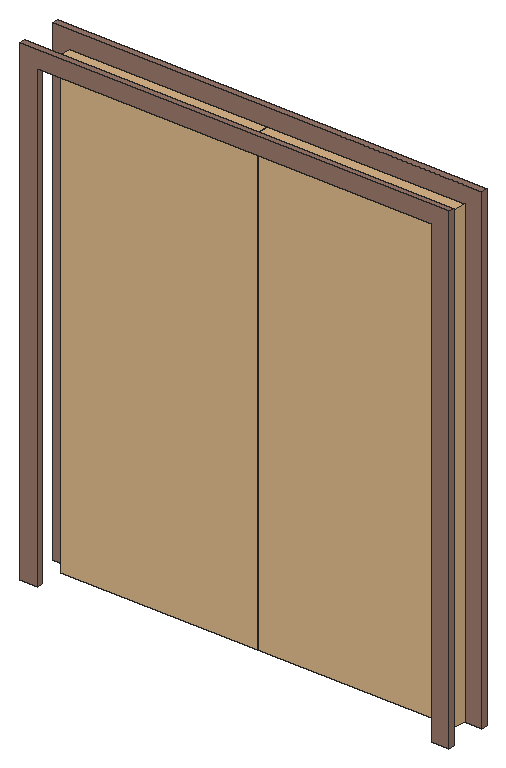
Revit family "Door-Double-Flush_Panel", category Doors, host Wall, Revit 2020
Family settings
  Host = Wall
  OmniClass Number = 23.30.10.00
  OmniClass Title = Doors
  Always vertical = Yes
  Cut with Voids When Loaded = Yes
  Shared = Yes
  Room Calculation Point = Yes
Parameters (values of type "68" x 80"")
  Visual Light Transmittance = 0
  Thickness = 0' - 2"
  Thermal Resistance (R) = 2.5876 (h·ft²·°F)/BTU
  Swing Angle [instance] = 90.00°
  Solar Heat Gain Coefficient = 0
  Panel Width = 1 / 2 * Width  # 2' - 10"
  Construction Type Id = "DOOR"
  Heat Transfer Coefficient (U) = 0.3865 BTU/(h·ft²·°F)
  Function = Interior
  Assembly Code = "C1020"
  Panel Material = Wood - Birch - Solid Stained Light Low Gloss
  Trim Material = Paint - Sienna
  Height = 6' - 8"
  Trim Projection Ext = 0' - 1"
  Trim Projection Int = 0' - 1"
  Trim Width = 0' - 3"
  Wall Closure = By host
  Width = 5' - 8"
  Analytic Construction = "Wooden"
Reference planes (in)
  plane 1 "Center(Front/Right)": y = 0
  plane 2: z = 0
  plane 3 "Center (Left/Right)": x = 0
  plane 4 "Left": x = -34
  plane 5 "Right": x = 34
  plane 6 "Top": z = 80
  plane 7: y = 3
Forms (in)
  Extrusion 1, solid, material "Paint - Sienna" <- "Trim Material", detail levels fine
    sketch origin (-90, 3, 0) x (-1, 0, 0) y (0, 0, 1)
      loop
        line (-124, 80) -> (-56, 80) -> (-56, 0) -> (-53, 0) -> (-53, 83) -> (-127, 83) -> (-127, 0) -> (-124, 0) -> (-124, 80)
    from 0 to 1
  Extrusion 2, solid, material "Paint - Sienna" <- "Trim Material", detail levels fine
    sketch origin (-90, -3, 0) x (1, 0, 0) y (0, 0, 1)
      loop
        line (56, 0) -> (56, 80) -> (124, 80) -> (124, 0) -> (127, 0) -> (127, 83) -> (53, 83) -> (53, 0) -> (56, 0)
    from 0 to 1
  Extrusion 3, solid, material "Wood - Birch - Solid Stained Light Low Gloss" <- "Panel Material"
    sketch origin (-60, 3, 0) x (-1, 0, 0) y (0, 0, 1)
      loop
        line (-60, 80) -> (-60, 0) -> (-26, 0) -> (-26, 80) -> (-60, 80)
    from 0 to -2
  Extrusion 4, solid, material "Wood - Birch - Solid Stained Light Low Gloss" <- "Panel Material"
    sketch origin (0, 0, 0) x (-1, 0, 0) y (0, 0, 1)
      loop
        line (-34, 80) -> (-34, 0) -> (0, 0) -> (0, 80) -> (-34, 80)
    from 1 to 3
Lines and regions (in)
  Opening 1
    outline origin (-90, -3, 0) x (1, 0, 0) y (0, 0, 1)
      loop
        line (56, 0) -> (124, 0) -> (124, 80) -> (56, 80) -> (56, 0)
  symbolic lines, style "Elevation Swing"
    curve 1: line (0, 0, 80) -> (-34, 0, 40)
    curve 2: line (0, 0, 0) -> (-34, 0, 40)
    curve 3: line (0, 0, 0) -> (34, 0, 40)
    curve 4: line (34, 0, 40) -> (0, 0, 80)
Text (in)
  text "Exterior" at (-58.67754, 39.5847, 0), in view "Ref. Level"
  text "Interior" at (-58.34764, -27.11922, 0), in view "Ref. Level"
  text "Exterior" at (0, 40.15149, 123.01588), in view "Right"
  text "Interior" at (0, -64.39139, 123.01588), in view "Right"
  text "Interior" at (0, -27.50358, 116.57024), in view "Left"
  text "Exterior" at (0, 54.57065, 116.57024), in view "Left"
Dimensions and locks (in)
  "Height": plane 2 to plane 6 "Top"
  "Trim Width": Extrusion 2 sketch curve to plane 4 "Left"
  "Trim Width": Extrusion 2 sketch curve to plane 5 "Right"
  "Trim Width": Extrusion 2 sketch curve to plane 6 "Top"
  "Trim Width": Extrusion 1 sketch curve to Extrusion 1 sketch curve  (x2)
  "Trim Width": Extrusion 1 sketch curve to plane 6 "Top"
  "Trim Projection Int": Extrusion 2 to host wall
  "Trim Projection Ext": Extrusion 1 to host wall
  "Thickness": Extrusion 3 to host wall
  "Width": plane 4 "Left" to plane 5 "Right"
  equal spacing: plane 4 "Left", plane 3 "Center (Left/Right)", plane 5 "Right"
  equal spacing: plane 6 "Top", curve 2, level
  equal spacing: plane 6 "Top", curve 4, level
  aligned and locked: plane 4 "Left" to Opening 1 sketch curve
  aligned and locked: plane 6 "Top" to Opening 1 sketch curve  (x2)
  aligned and locked: Opening 1 sketch curve to plane 5 "Right"
  aligned and locked: Opening 1 sketch curve to level
  aligned and locked: plane 6 "Top" to Extrusion 1 sketch curve  (x2)
  aligned and locked: plane 4 "Left" to Extrusion 1 sketch curve
  aligned and locked: Extrusion 1 sketch curve to plane 4 "Left"
  aligned and locked: plane 2 to Extrusion 1 sketch curve
  aligned and locked: Extrusion 1 sketch curve to plane 2
  aligned and locked: level to Extrusion 1 sketch curve
  aligned and locked: plane 5 "Right" to Extrusion 1 sketch curve
  aligned and locked: Extrusion 1 to host wall
  aligned and locked: plane 4 "Left" to Extrusion 2 sketch curve
  aligned and locked: plane 6 "Top" to Extrusion 2 sketch curve  (x2)
  aligned and locked: plane 5 "Right" to Extrusion 2 sketch curve  (x2)
  aligned and locked: level to Extrusion 2 sketch curve
  aligned and locked: Extrusion 2 sketch curve to level
  aligned and locked: plane 2 to Extrusion 2 sketch curve
  aligned and locked: Extrusion 2 to host wall
  aligned and locked: plane 7 to host wall
  aligned and locked: Extrusion 4 to Extrusion 3  (x2)
  aligned and locked: nested 1 to plane 5 "Right"
  aligned and locked: nested 1 to plane 7
  aligned and locked: nested 1 to plane 3 "Center (Left/Right)"
  aligned and locked: nested 2 to plane 4 "Left"
  aligned and locked: plane 7 to Extrusion 3
  aligned and locked: nested 2 to plane 3 "Center (Left/Right)"
  aligned and locked: plane 7 to nested 2
  aligned and locked: plane 7 to nested 1
Automatic sketch dimensions
  Extrusion 3 sketch curve to level = 0' - 0"
  Extrusion 3 sketch curve to plane 4 "Left" = 0' - 0"
  Extrusion 3 sketch curve to plane 6 "Top" = 0' - 0"
  Extrusion 3 sketch curve to plane 3 "Center (Left/Right)" = 0' - 0"
  Extrusion 4 sketch curve to level = 0' - 0"
  Extrusion 4 sketch curve to plane 5 "Right" = 0' - 0"
  Extrusion 4 sketch curve to plane 3 "Center (Left/Right)" = 0' - 0"
  Extrusion 4 sketch curve to plane 6 "Top" = 0' - 0"
  curve 1 to plane 3 "Center (Left/Right)" = 0' - 0"
  curve 1 to plane 6 "Top" = 0' - 0"
  curve 2 to plane 4 "Left" = 0' - 0"
  curve 4 to plane 5 "Right" = 0' - 0"
  curve 3 to level = 0' - 0"
  curve 2 to plane 3 "Center (Left/Right)" = 0' - 0"
Nested families (in)
  nested 1: "Door Swing-Single" at (34, 3, 0), Swing Angle <- "Swing Angle", type "Single"
    with Swing Visible yes, Swing Angle 90.00°, Actual Angle 90.00°
  nested 2: "Door Swing-Single" at (-34, 3, 0) x (-1, 0, 0) z (0, 0, 1), Swing Angle <- "Swing Angle", type "Single"
    with Swing Visible yes, Swing Angle 90.00°, Actual Angle 90.00°
Definition of nested family "Door Swing-Single"
  Parameters
    Width = 3' - 0"
    Thickness = 0' - 1 3/4"
    Swing Visible [instance] = Swing Angle > 1.00°  # yes
    Swing Angle [instance] = 45.00°
    Assembly Code = ""
    Analytic Construction = "<None>"
    Actual Angle [instance] = if(Swing Angle < 1.00°, 1.00°, Swing Angle)  # 45.00°
  Reference planes (in)
    plane 1 "Center (Front/Back)": y = 0
    plane 2: z = 0
    plane 3 "Center (Left/Right)": x = 0
    plane 4: x = -36
  Lines and regions (in)
    Masking region 1
      outline origin (0, 0, 0) x (-0.707107, 0.707107, 0) y (-0.707107, -0.707107, 0)
        loop
          line (0, 0) -> (36, 0) -> (36, 1.75) -> (0, 1.75) -> (0, 0)
    symbolic lines
      curve 1: line (0, 0, 0) -> (-36, 0, 0)
    symbolic lines, visible <- "Swing Visible"
      curve 2: arc (-36, 0, 0) -> (-33.25966, 13.7766, 0) -> (-25.45584, 25.45584, 0) r 36
    reference lines
      curve 3: line (0, 0, 0) -> (-25.45584, 25.45584, 0)
    model lines
      curve 4: line (0, 0, 0) -> (0, 0, 1)
  Dimensions and locks (in)
    "Width": plane 4 to plane 3 "Center (Left/Right)"
    locked: curve 2 to plane 3 "Center (Left/Right)"
    locked: curve 2 to plane 1 "Center (Front/Back)"
    "Width": curve 3 to curve 3
    "Thickness": Masking region 1 sketch curve to Masking region 1 sketch curve
    locked: curve 4 to plane 2 at 1
    "Width": radius of curve 2
    "Actual Angle": angle curve 2 to curve 2
    "Swing Angle": angle curve 3 to plane 1 "Center (Front/Back)"
    aligned and locked: curve 1 to plane 1 "Center (Front/Back)"
    aligned and locked: plane 3 "Center (Left/Right)" to curve 1
    aligned and locked: plane 3 "Center (Left/Right)" to curve 3
    aligned and locked: plane 1 "Center (Front/Back)" to curve 3
    aligned and locked: curve 3 to Masking region 1 sketch curve
    aligned and locked: Masking region 1 sketch curve to curve 3  (x2)
    aligned and locked: plane 3 "Center (Left/Right)" to curve 4
    aligned and locked: plane 2 to curve 4
Types in the file's own list only (6): name | Panel Width | Height | Width
  68" x 82" | 2' - 10" | 6' - 10" | 5' - 8"
  68" x 84" | 2' - 10" | 7' - 0" | 5' - 8"
  72" x 78" | 3' - 0" | 6' - 6" | 6' - 0"
  72" x 80" | 3' - 0" | 6' - 8" | 6' - 0"
  72" x 82" | 3' - 0" | 6' - 10" | 6' - 0"
  72" x 84" | 3' - 0" | 7' - 0" | 6' - 0"
